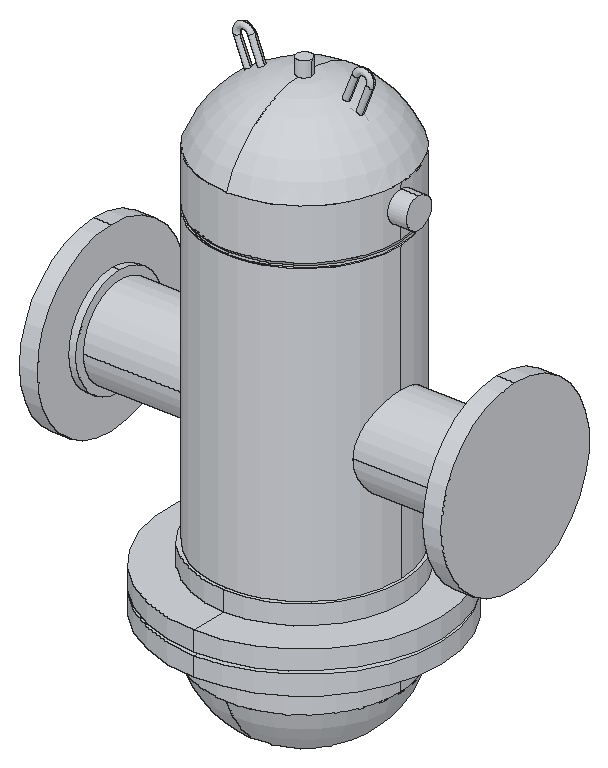
Revit family "WVA-4", category Mechanical Equipment, Revit 2014
Parameters (values of type "WVA-4")
  SideDrainExtrusion = CylinderHalfLength * 0.13123  # 0.8858"
  PipeConnectorDiameter = 4"
  PartNumber = "72080040"
  MaximumOperatingTemperature = "240°F"
  MaximumOperatingPressure = "125 PSIG"
  MaximumFlow = "255 GPM"
  HookWidth = 3/4"
  SideFlangeThickness1 = 101/256"
  SideFlangeThickness = 111/128"
  LeftHookDistance = 0.35916"
  TopExtrusionDiameter = A * 0.1111  # 1.49985"
  SideFlangeStep2 = 9 7/128"
  SideFlangeStep1 = 5 81/256"
  PipeDiameter = 4 1/2"
  HookTopDistance = B * 0.01386  # 0.40194"
  HookDistance = A * 0.19597  # 2.6456"
  URL = "http://westank.com/"
  TotalHeight = B * 0.1364  # 3.9556"
  Step5Diameter = A * 0.21818  # 2.94544"
  Step4Diameter = A * 0.25455  # 3.43636"
  Step3Diameter = A * 0.18182  # 2.45457"
  Step2Diameter = A * 0.10909  # 1.47272"
  Step1Diameter = A * 0.05454  # 0.73629"
  RingDistance = B * 0.19599  # 5.68371"
  RevolveRadius = CylindarDia / 2  # 4.725"
  Model = "WVA-4"
  Manufacturer = "Wessels Company"
  HookDiameter = A * 0.0223  # 0.30105"
  Height2 = B * 0.00547  # 0.15863"
  Height1 = B * 0.03268  # 0.94772"
  D = 14 1/2"
  CylinderHeight = B * 0.781  # 22.649"
  CylinderHalfLength = A / 2  # 6 3/4"
  CouplingHeight = B * 0.15525  # 4.50225"
  C = 20 5/8"
  BottomRevolveHeight = B * 0.10886  # 3.15694"
  BottomExtrusionHeight = B * 0.01095  # 0.31755"
  B = 29"
  CylindarDia = A * 0.7  # 9.45"
  NumberOfArray = 9
  ArrayRadius = CylindarDia * 0.62598  # 5.91555"
  ApproximateShipmentWeight = "250 lbs"
  A = 13 1/2"
Reference planes (in)
  plane 1: z = 0
  plane 2 "Center (Left/Right)": x = 0
  plane 3: x = -4.725
  plane 4: y = 1.09449
  plane 5: y = -3.63051
  plane 6: x = 4.725
  plane 7: z = 29
  plane 8: z = 14.5
  plane 9: y = -8.35551
  plane 10: z = 25.8245
  plane 11: z = 3.1755
  plane 12: y = -4.13051
  plane 13: y = -3.13051
  plane 14: z = 25.33017
  plane 15: z = 24.33017
  plane 16: z = 24.83017
  plane 17: x = 6.75
  plane 18: z = 23.31629
  plane 19: z = 23.06629
  plane 20: x = 0
  plane 21: z = 3.67159
  plane 22: x = -6.75
  plane 23: y = -10.38051
  plane 24: y = 3.11949
  plane 25: x = 5.225
  plane 26: z = 4.08442
  plane 27: z = 0.31755
  plane 28: z = 3.47449
  plane 29: y = -2.15551
  plane 30: y = -5.10551
  plane 31: x = -10.3125
  plane 32: x = 10.3125
  plane 33: z = 14.5
  plane 34: x = 2
  plane 35: x = -2.03354
Forms (in)
  Extrusion 1, solid
    sketch origin (0, 0, 0) x (1, 0, 0) y (0, 1, 0)
      loop
        circle (0, -3.63051) r 4.725
    from 3.47449 to 25.8245
  Revolve 2, solid
    sketch origin (0, 0, 0) x (0, 1, 0) y (0, 0, 1)
      loop
        line (-3.63051, 25.8245) -> (-3.63051, 29)
        arc (-3.63051, 29) -> (-6.51023, 28.18184) -> (-8.35551, 25.8245) r 4.83266
        line (-8.35551, 25.8245) -> (-3.63051, 25.8245)
      axis (-3.63051, 29) -> (-3.63051, 25.8245)
    angle from 0 to 360
  Revolve 3, solid
    sketch origin (0, 0, 23) x (0, 1, 0) y (0, 0, 1)
      loop
        line (-3.63051, -19.52551) -> (-8.35551, -19.52551)
        arc (-8.35551, -19.52551) -> (-6.57374, -21.97315) -> (-3.63051, -22.68245) r 4.38413
        line (-3.63051, -22.68245) -> (-3.63051, -19.52551)
      axis (-3.63051, -22.68245) -> (-3.63051, -19.52551)
    angle from 0 to 360
  Extrusion 4, solid
    sketch origin (6.75, -180, 55.70663) x (0, 0, 1) y (0, -1, 0)
      loop
        circle (-30.87646, -176.36949) r 0.74993
    from -1.1392 to -2.65996
  Revolve 5, void
    sketch origin (0, 0, 0) x (0, 1, 0) y (0, 0, 1)
      loop
        line (1.14136, 23.38323) -> (1.00252, 23.18495) -> (1.00252, 23.06629) -> (1.14136, 23.06629) -> (1.14136, 23.38323)
      axis (-3.63051, 23.38323) -> (-3.63051, 23.06629)
    angle from 0 to 360
  Revolve 6, solid
    sketch origin (0, 0, 0) x (0, 1, 0) y (0, 0, 1)
      loop
        line (1.27519, 5.44997) -> (3.11949, 5.44997) -> (3.11949, 6.39769) -> (1.69769, 6.39769) -> (1.69769, 6.55632) -> (3.11949, 6.55632) -> (3.11949, 7.50404) -> (1.27519, 7.50404) -> (1.27519, 8.45785) -> (1.09449, 8.45785) -> (1.09449, 4.50225) -> (1.27519, 4.50225) -> (1.27519, 5.44997)
      axis (-3.63051, 8.45785) -> (-3.63051, 4.50225)
    angle from 0 to 360
  Extrusion 7, solid
    sketch origin (0, 0, 0) x (1, 0, 0) y (0, 1, 0)
      loop
        circle (0, -3.63051) r 0.36815
    from 0 to 0.31755
  Extrusion 8, solid
    sketch origin (0, 0, 0) x (0, 1, 0) y (0, 0, 1)
      loop
        circle (-3.63051, 14.5) r 2.25
    from -9.05078 to 9.05078
  Extrusion 9, solid
    sketch origin (-10.3125, -180, 25.05775) x (0, 0, 1) y (0, -1, 0)
      loop
        circle (-10.55775, -176.36949) r 2.6582
    from 1.26172 to 0.86719
  Extrusion 10, solid
    sketch origin (-10.3125, -180, 25.05775) x (0, 0, 1) y (0, -1, 0)
      loop
        circle (-10.55775, -176.36949) r 4.52734
    from 0 to 0.86719
  Extrusion 11, solid
    sketch origin (7.625, -180, 25.05775) x (0, 0, 1) y (0, 1, 0)
      loop
        circle (-10.55775, 176.36949) r 2.6582
    from -1.42578 to -1.82031
  Extrusion 12, solid
    sketch origin (7.625, -180, 25.05775) x (0, 0, 1) y (0, 1, 0)
      loop
        circle (-10.55775, 176.36949) r 4.52734
    from -2.6875 to -1.82031
  Extrusion 13, solid
    sketch origin (-60.41868, -180, 29) x (-1, 0, 0) y (0, -1, 0)
      loop
        circle (-60.41868, -176.36949) r 0.36815
    from 0 to 0.71071
  Sweep 14, solid
    path origin (-22.76181, -0.08056, 137.87569) x (0.362384, -0.00863, 0.931989) y (0.932018, 0.008113, -0.36232)
      loop
        line (-92.98541, 62.71114) -> (-91.46355, 62.71114)
        arc (-91.46355, 62.71114) -> (-91.08855, 63.08614) -> (-91.46355, 63.46114) r 0.375
        line (-91.46355, 63.46114) -> (-92.98541, 63.46114)
    profile origin (2.26548, 1.22412, 29.20199) x (0.932018, 0.008113, -0.36232) y (-0.004435, 0.99993, 0.010983)
      loop
        circle (0, -4.875) r 0.15053
  Sweep 15, solid
    path origin (22.76181, -0.08056, 137.87569) x (-0.362384, -0.00863, 0.931989) y (0.932018, -0.008113, 0.36232)
      loop
        line (-92.98541, -62.71114) -> (-91.46355, -62.71114)
        arc (-91.46355, -62.71114) -> (-91.08855, -63.08614) -> (-91.46355, -63.46114) r 0.375
        line (-91.46355, -63.46114) -> (-92.98541, -63.46114)
    profile origin (-2.26548, 1.22412, 29.20199) x (0.932018, -0.008113, 0.36232) y (0.004435, 0.99993, 0.010983)
      loop
        circle (0, -4.875) r 0.15053
Cuts and joins
  Revolve 5 cuts Extrusion 1
  joined: Extrusion 1, Revolve 2, Revolve 3, Extrusion 4, Revolve 6, Extrusion 8, Sweep 14, Sweep 15
Dimensions and locks (in)
  equal spacing: plane 6, plane 2 "Center (Left/Right)", plane 3
  "CylindarDia": plane 6 to plane 3
  equal spacing: plane 7, plane 8, level
  "B": plane 7 to level
  equal spacing: plane 3, plane 2 "Center (Left/Right)", plane 6
  plane 3 to plane 6 = 9.45"
  equal spacing: plane 4, plane 5, plane 9
  plane 4 to plane 9 = 9.45"
  "RevolveRadius": plane 9 to plane 5
  equal spacing: plane 10, plane 8, plane 11
  "CylinderHeight": plane 10 to plane 11
  equal spacing: plane 12, plane 5, plane 13
  plane 12 to plane 13 = 1"
  plane 14 to plane 15 = 1"
  equal spacing: plane 14, plane 16, plane 15
  plane 10 to plane 14 = 0.49433"
  locked: Extrusion 4 sketch curve to plane 5
  locked: Extrusion 4 sketch curve to plane 16 at 0
  locked: Revolve 5 sketch curve to Revolve 5 sketch curve at 0.13884
  locked: plane 18 to plane 19 at 0.25
  "RingDistance": plane 7 to plane 18
  locked: plane 21 to plane 11 at 0.49609
  equal spacing: plane 17, plane 2 "Center (Left/Right)", plane 22
  "A": plane 17 to plane 22
  equal spacing: plane 23, plane 5, plane 24
  "A": plane 23 to plane 24
  locked: plane 25 to plane 6 at 0.5
  Revolve 6 to plane 26 = 1.36555"
  "Height1": Revolve 6 sketch curve to Revolve 6 sketch curve  (x3)
  "Height2": Revolve 6 sketch curve to Revolve 6 sketch curve
  "TotalHeight": Revolve 6 sketch curve to Revolve 6 sketch curve
  "CouplingHeight": level to Revolve 6 sketch curve
  equal spacing: plane 30, plane 5, plane 29
  equal spacing: plane 32, plane 2 "Center (Left/Right)", plane 31
  "C": plane 32 to plane 31
  "D": plane 33 to level
  "SideFlangeThickness": Extrusion 10 to plane 31
  "SideFlangeThickness1": Extrusion 9 to Extrusion 10
  "SideFlangeThickness": plane 32 to Extrusion 12
  "SideFlangeThickness1": Extrusion 11 to Extrusion 12
  locked: plane 20 to Extrusion 13 sketch curve at 0
  locked: plane 5 to Extrusion 13 sketch curve at 0
  "BottomExtrusionHeight": plane 27 to level
  "BottomRevolveHeight": plane 28 to plane 27
  locked: plane 20 to Extrusion 7 sketch curve at 0
  locked: Extrusion 7 sketch curve to plane 5 at 0
  plane 34 to plane 20 to plane 35 = 2", 2.03354"
  "SideDrainExtrusion": Extrusion 4 to plane 6
  "HookWidth": Sweep 14 sketch curve to Sweep 14 sketch curve
  "HookWidth": Sweep 15 sketch curve to Sweep 15 sketch curve
  "CylindarDia": diameter of Extrusion 1 sketch curve
  "TopExtrusionDiameter": diameter of Extrusion 4 sketch curve
  "Step1Diameter": diameter of Extrusion 13 sketch curve
  "PipeDiameter": diameter of Extrusion 8 sketch curve
  "SideFlangeStep1": diameter of Extrusion 9 sketch curve
  "SideFlangeStep2": diameter of Extrusion 10 sketch curve
  "SideFlangeStep1": diameter of Extrusion 11 sketch curve
  "SideFlangeStep2": diameter of Extrusion 12 sketch curve
  "Step1Diameter": diameter of Extrusion 7 sketch curve
  "HookDiameter": diameter of Sweep 14 sketch curve
  "HookDiameter": diameter of Sweep 15 sketch curve
  aligned and locked: level to plane 1
  aligned and locked: Revolve 2 sketch curve to Extrusion 1
  aligned and locked: plane 5 to Revolve 2 sketch curve  (x2)
  aligned and locked: Revolve 2 sketch curve to plane 5
  aligned and locked: Revolve 3 sketch curve to Extrusion 1
  aligned and locked: plane 5 to Revolve 3 sketch curve
  aligned and locked: plane 9 to Revolve 3 sketch curve
  aligned and locked: plane 9 to Revolve 2 sketch curve
  aligned and locked: plane 10 to Extrusion 1
  aligned and locked: Revolve 5 sketch curve to plane 19
  aligned and locked: plane 20 to plane 2 "Center (Left/Right)"
  aligned and locked: Revolve 6 sketch curve to Revolve 6 sketch curve
  aligned and locked: Revolve 6 sketch curve to plane 4
  aligned and locked: Revolve 6 sketch curve to plane 5
  aligned and locked: plane 24 to Revolve 6 sketch curve
  aligned and locked: Revolve 5 sketch curve to plane 5
  aligned and locked: Extrusion 1 to plane 28
  aligned and locked: plane 27 to Extrusion 7
  aligned and locked: Extrusion 7 to level
  aligned and locked: Extrusion 10 to plane 31
  aligned and locked: Extrusion 9 to Extrusion 10
  aligned and locked: Extrusion 8 to Extrusion 9
  aligned and locked: Extrusion 12 to Extrusion 11
  aligned and locked: Extrusion 8 to Extrusion 11
  aligned and locked: plane 32 to Extrusion 12
  aligned and locked: Extrusion 13 to plane 7
Automatic sketch dimensions
  Revolve 3 sketch curve to plane 5 = 0"
  Revolve 3 sketch curve to plane 27 = 0"  (x2)
  Revolve 3 sketch curve to plane 28 = 0"
  Revolve 3 sketch curve to plane 12 = 0.00764"
  Revolve 5 sketch curve to plane 4 = 0.09196"
  plane 19 to Revolve 5 sketch curve = 0.11866"
  plane 18 to Revolve 5 sketch curve = 0.06694"
  Revolve 5 sketch curve to level = 12"
  Revolve 2 sketch curve to plane 10 = 0"
  Revolve 2 sketch curve to plane 7 = 0"
  Revolve 2 sketch curve to plane 15 = 0.15932"
  plane 7 to Revolve 2 sketch curve = 2.7327"
  plane 7 to Revolve 5 sketch curve = 72 7/8"
  Extrusion 1 sketch curve to plane 2 "Center (Left/Right)" = 0"
  Extrusion 1 sketch curve to plane 5 = 0"
  Revolve 6 sketch curve to plane 4 = 0"
  Revolve 6 sketch curve to Revolve 6 sketch curve = 0.1807"  (x2)
  plane 4 to Revolve 6 sketch curve = 0.6032"
  Revolve 6 sketch curve to level = 12"
  plane 7 to Revolve 6 sketch curve = 73"
  Extrusion 8 sketch curve to plane 5 = 0"
  Extrusion 8 sketch curve to plane 8 = 0"
  Extrusion 9 sketch curve to plane 5 = 0"
  Extrusion 9 sketch curve to plane 8 = 0"
  Extrusion 10 sketch curve to plane 5 = 0"
  Extrusion 10 sketch curve to plane 8 = 0"
  Extrusion 11 sketch curve to plane 5 = 0"
  Extrusion 11 sketch curve to plane 8 = 0"
  Extrusion 12 sketch curve to plane 5 = 0"
  Extrusion 12 sketch curve to plane 8 = 0"
  Sweep 14 sketch curve to Sweep 14 sketch curve = 1.52185"
  Sweep 14 sketch curve to Sweep 14 sketch curve = 0"
  profile plane to Sweep 14 sketch curve = 0"
  Sweep 14 sketch curve to profile plane = 4 7/8"
  Sweep 15 sketch curve to Sweep 15 sketch curve = 1.52185"
  Sweep 15 sketch curve to Sweep 15 sketch curve = 0"
  Sweep 15 sketch curve to profile plane = 0"
  Sweep 15 sketch curve to profile plane = 4 7/8"
Connectors (in)
  piping at (10.3125, -3.63051, 14.5), diameter 4, driven by "PipeConnectorDiameter"
    settings: on Extrusion 12, index 1, connector inside diameter 24", connector length 0", flow factor 0, pipe flow 0 GPM, pressure drop 0.00 psi, fitting loss kfactor 0, connector angle 0.00°, fixture units 0, engagement length 0", angle of deflection 0.00°, flow configuration 0, flow direction 0, fitting loss method 0, system type 7, joint type 0, gender type 0, connector reference index 2, connector utility 0, adjustable connector no, is connector primary yes, connector description ""
  piping at (-10.3125, -3.63051, 14.5), diameter 4, driven by "PipeConnectorDiameter"
    settings: on Extrusion 10, index 2, connector inside diameter 24", connector length 0", flow factor 0, pipe flow 0 GPM, pressure drop 0.00 psi, fitting loss kfactor 0, connector angle 0.00°, fixture units 0, engagement length 0", angle of deflection 0.00°, flow configuration 0, flow direction 0, fitting loss method 0, system type 7, joint type 0, gender type 0, connector reference index 1, connector utility 0, adjustable connector no, is connector primary no, connector description ""
